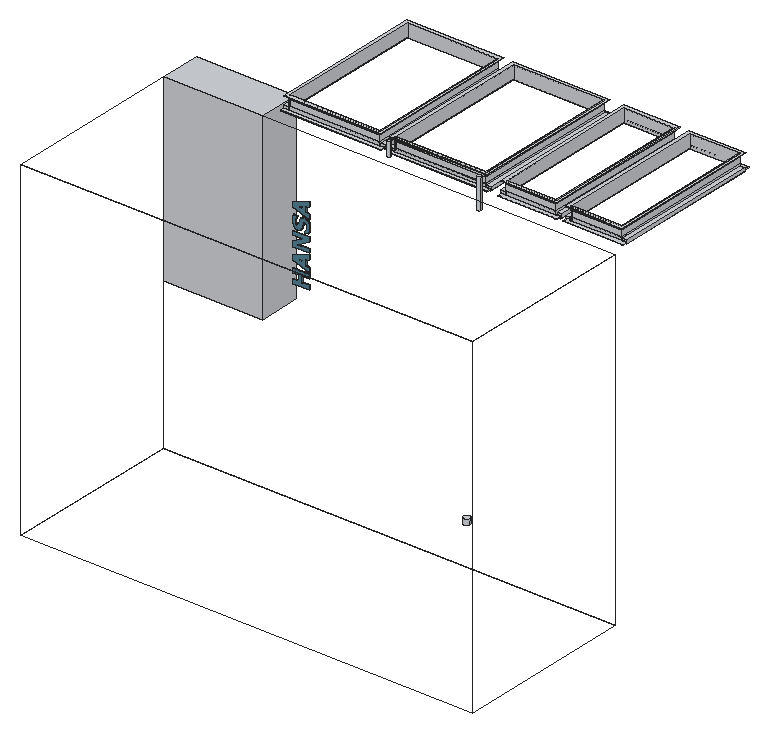
Revit family "KL-P-034-G-R", category HLS-Bauteile, Revit 2020
Family settings
  Bemaßung runder Anschluss = Durchmesser verwenden
  Klassifizierung = Keine
  Teiletyp = Normal
  Arbeitsebenenbasiert = Nein
  Immer vertikal = Ja
  Beim Laden mit Abzugskörper schneiden = Nein
  Gemeinsam genutzt = Nein
  Raumberechnungspunkt = Nein
Parameters
  Zuluftbreite [instance] = 545 mm  # constant formula
  Vorgabe-Ansicht = 0 mm
  TyS [instance] = size_lookup("TyS_Hansa_KL_P", "", "ND", RLT_Serie, Gehaeuserichtung, Gehaeuseausfuehrung, RLT_MSR_KZ)  # "KL-P-034-G-R-eCS"
  Schaltschrankbreite [instance] = 600 mm
  Schaltschrank_montiert [instance] = yes
  SSaG [instance] = and(or(Regelung SAIA, Regelung OJ), Schaltschrank_montiert)  # yes
  Regelung SAIA [instance] = yes
  Regelung OJ [instance] = no
  RLT_Volumenstrom_max = 3400 m³/h  # constant formula
  RLT_Volumenstrom_Unit_2 [instance] = 3400 m³/h
  RLT_Volumenstrom_Unit_1 [instance] = 3400 m³/h
  RLT_Typenschlüssel [instance] = TyS  # "KL-P-034-G-R-eCS"
  RLT_Serie = "KL-P-034"  # constant formula
  RLT_Material_außen [instance] = Stahlblech verzinkt + RAL 9002
  RLT_MSR_KZ [instance] = if(Regelung SAIA, "eCS", if(Regelung OJ, "eCO", "-"))  # "eCS"
  RLT_Länge [instance] = L  # 2130 mm
  RLT_Höhe = H  # 1890 mm
  RLT_Gewicht [instance] = size_lookup("TD_Hansa_KL_P", "Gewicht", 0 mm, TyS) / 1 mm * 1.00 kg  # 0.00 kg
  RLT_Breite = B  # 1080 mm
  Modell = "KL-P-034-G-R"  # constant formula
  L2 = 820 mm  # constant formula
  L1 = 1310 mm  # constant formula
  L = L1 + L2  # 2130 mm
  Kanaltiefe [instance] = RLT_Breite - 190 mm  # 890 mm
  Hersteller = "Hansa"  # constant formula
  H = 1890 mm  # constant formula
  GeräteOK [instance] = H + Fuß  # 2010 mm
  Gehaeuserichtung [instance] = "R"  # constant formula
  Gehaeuseausfuehrung [instance] = "geteilt"  # constant formula
  GD_Spannung [instance] = 230 V
  GD_Phasen [instance] = 1
  GD_Nennstrom [instance] = 0 A
  GD_Anschlussleistung [instance] = 0 W
  Fuß [instance] = 120 mm  # constant formula
  Fortluftbreite = 300 mm  # constant formula
  Bedienzone [instance] = yes
  Baugruppe [instance] = "RLT-Gerät"  # constant formula
  BZl [instance] = if(and(or(Regelung SAIA, Regelung OJ), Schaltschrank_montiert), L + Schaltschrankbreite, L)  # 2730 mm
  B = 1080 mm  # constant formula
  Außenluftbreite = 300 mm  # constant formula
  Abluftbreite [instance] = 545 mm  # constant formula
Reference planes
  plane 1 "Mitte (Vorne/hinten)": y = 0
  plane 2: z = 0
  plane 3 "Mitte (Links/rechts)": x = 0
  plane 4: x = -1065
  plane 5: x = 1065
  plane 6 "GV": y = -540
  plane 7 "GH": y = 540
  plane 8 "OKG": z = 2010
  plane 9: y = 477.5
  plane 10: y = -312.5
  plane 11: x = -1002.5
  plane 12: x = 1002.5
  plane 13: x = -457.5
  plane 14: x = -362.5
  plane 15: x = 182.5
  plane 16: x = 702.5
  plane 17: x = 607.5
  plane 18: x = 307.5
  plane 19: z = 2090
  plane 20 "UKG": z = 120
  plane 21: y = -290
  plane 22: y = -330
  plane 23: z = 90
  plane 24: y = -464
  plane 25: x = 245
  plane 26: y = -1620
  plane 27: x = -1665
Forms (mm)
  Extrusion 1, solid, visible <- "SSaG"
    sketch origin (-61.559, 0, -70) x (1, 0, 0) y (0, 0, 1)
      loop
        line (-1603.441, 2080) -> (-1603.441, 980) -> (-1003.441, 980) -> (-1003.441, 2080) -> (-1603.441, 2080)
    from 540 to 290
  Extrusion 2, solid
    sketch origin (0, 0, 0) x (1, 0, 0) y (0, 1, 0)
      loop
        circle (0, -330) r 20
    from 120 to 90
  Extrusion 3, solid, material "Glas - klar", visible <- "Bedienzone"
    sketch origin (-600, 0, 0) x (1, 0, 0) y (0, 1, 0)
      loop
        line (-1065, -540) -> (-1065, -1620) -> (1665, -1620) -> (1665, -540) -> (-1065, -540)
    from 2010 to 0
  Extrusion 4, solid
    sketch origin (0, 0, 0) x (1, 0, 0) y (0, 1, 0)
      loop
        circle (-362.5, -464) r 10
    from 2090 to 2010
  Extrusion 5, solid
    sketch origin (0, 0, 0) x (1, 0, 0) y (0, 1, 0)
      loop
        circle (182.5, -464) r 10
    from 2090 to 1910
Dimensions and locks
  equal spacing: plane 4, plane 3 "Mitte (Links/rechts)", plane 5
  "L": plane 4 to plane 5
  "B": plane 7 "GH" to plane 6 "GV"
  locked: plane 7 "GH" to plane 9 at 62.5
  locked: plane 4 to plane 11 at 62.5
  locked: plane 12 to plane 5 at 62.5
  "Abluftbreite": plane 11 to plane 13
  locked: plane 13 to plane 14 at 95
  "Zuluftbreite": plane 14 to plane 15
  "Fortluftbreite": plane 16 to plane 12
  locked: plane 17 to plane 16 at 95
  "Außenluftbreite": plane 18 to plane 17
  plane 15 to plane 18 = 125 mm
  locked: nested 3 to plane 16 at 95
  "Fuß": plane 20 "UKG" to level
  plane 19 to plane 8 "OKG" = 80 mm
  locked: plane 4 to nested 1 at 62.5
  locked: plane 13 to nested 2 at 95
  locked: nested 4 to plane 5 at 62.5
  plane 5 to Extrusion 1 = 2130 mm
  "RLT_Höhe": plane 8 "OKG" to plane 20 "UKG"
  equal spacing: plane 7 "GH", plane 1 "Mitte (Vorne/hinten)", plane 6 "GV"
  locked: plane 6 "GV" to plane 21 at 250
  locked: plane 6 "GV" to plane 22 at 210
  plane 20 "UKG" to plane 23 = 30 mm
  locked: plane 24 to plane 6 "GV" at 76
  "L1": plane 4 to plane 25
  "B": plane 26 to plane 6 "GV"
  "BZl": Extrusion 3 to Extrusion 3
  "Schaltschrankbreite": plane 27 to plane 4
  plane 18 to plane 15 = 125 mm
  aligned and locked: level to plane 2
  aligned and locked: plane 8 "OKG" to Extrusion 1
  aligned and locked: Extrusion 1 to plane 6 "GV"
  aligned and locked: plane 21 to Extrusion 1
  aligned and locked: plane 20 "UKG" to Extrusion 2
  aligned and locked: Extrusion 2 to plane 23
  aligned and locked: Extrusion 3 to plane 6 "GV"
  aligned and locked: Extrusion 3 to plane 26
  aligned and locked: plane 8 "OKG" to Extrusion 3
  aligned and locked: Extrusion 1 to plane 4
  aligned and locked: plane 19 to Extrusion 4
  aligned and locked: Extrusion 4 to plane 8 "OKG"
  aligned and locked: plane 19 to Extrusion 5
  aligned and locked: Extrusion 1 to Extrusion 3
  aligned and locked: plane 7 "GH" to nested 6
  aligned and locked: plane 4 to nested 6
Automatic sketch dimensions
  Extrusion 1 sketch curve to plane 5 = 2730 mm
  Extrusion 1 sketch curve to plane 8 "OKG" = 0 mm
  Extrusion 1 sketch curve to plane 5 = 2130 mm
  plane 20 "UKG" to Extrusion 1 sketch curve = 790 mm
  Extrusion 2 sketch curve to plane 3 "Mitte (Links/rechts)" = 0 mm
  Extrusion 2 sketch curve to plane 22 = 0 mm
  plane 4 to Extrusion 3 sketch curve = 600 mm
  Extrusion 3 sketch curve to plane 5 = 0 mm
  Extrusion 3 sketch curve to plane 26 = 0 mm
  plane 6 "GV" to Extrusion 3 sketch curve = 0 mm
  Extrusion 4 sketch curve to plane 14 = 0 mm
  Extrusion 4 sketch curve to plane 24 = 0 mm
  Extrusion 5 sketch curve to plane 15 = 0 mm
  Extrusion 5 sketch curve to plane 24 = 0 mm
  radius of Extrusion 2 sketch curve = 20 mm
  radius of Extrusion 4 sketch curve = 10 mm
  radius of Extrusion 5 sketch curve = 10 mm
Nested families
  nested 1: "Kanalstutzen" at (-730, 29.209, 2010) x (1, 0, 0) z (0, -1, 0), 2570_EST_Breite <- "Abluftbreite", 2571_EST_Höhe <- "Kanaltiefe", built-in parameter 1001360 <- "GeräteOK", type "Kanalstutzen"
    with Tiefe 80 mm, RahmenG2 20 mm, RahmenG1 30 mm, Höhe 890 mm, Breite 545 mm, 2572_EST_Tiefe 80 mm, 2571_EST_Höhe 890 mm, 2570_EST_Breite 545 mm, 1966_EST_Rahmentyp ""
  nested 2: "Kanalstutzen" at (-90, 29.209, 2010) x (1, 0, 0) z (0, -1, 0), 2570_EST_Breite <- "Zuluftbreite", 2571_EST_Höhe <- "Kanaltiefe", built-in parameter 1001360 <- "GeräteOK", type "Kanalstutzen"
    with Tiefe 80 mm, RahmenG2 20 mm, RahmenG1 30 mm, Höhe 890 mm, Breite 545 mm, 2572_EST_Tiefe 80 mm, 2571_EST_Höhe 890 mm, 2570_EST_Breite 545 mm, 1966_EST_Rahmentyp ""
  nested 3: "Kanalstutzen" at (457.5, 29.209, 2010) x (1, 0, 0) z (0, -1, 0), 2570_EST_Breite <- "Außenluftbreite", 2571_EST_Höhe <- "Kanaltiefe", built-in parameter 1001360 <- "GeräteOK", type "Kanalstutzen"
    with Tiefe 80 mm, RahmenG2 20 mm, RahmenG1 30 mm, Höhe 890 mm, Breite 300 mm, 2572_EST_Tiefe 80 mm, 2571_EST_Höhe 890 mm, 2570_EST_Breite 300 mm, 1966_EST_Rahmentyp ""
  nested 4: "Kanalstutzen" at (852.5, 29.209, 2010) x (1, 0, 0) z (0, -1, 0), 2570_EST_Breite <- "Fortluftbreite", 2571_EST_Höhe <- "Kanaltiefe", built-in parameter 1001360 <- "GeräteOK", type "Kanalstutzen"
    with Tiefe 80 mm, RahmenG2 20 mm, RahmenG1 30 mm, Höhe 890 mm, Breite 300 mm, 2572_EST_Tiefe 80 mm, 2571_EST_Höhe 890 mm, 2570_EST_Breite 300 mm, 1966_EST_Rahmentyp ""
  nested 5: "Hansa_Aufkleber_klein" at (-780, -540, 1390) x (0, 0, 1) z (0, -1, 0), type "Hansa_Aufkleber_klein"
  nested 6: "P-034-G-R_ipt" at (0, 0, 0), type "Norm"
Connectors
  hvac at (-730, 29.209, 2089), driven by "RLT_Volumenstrom_Unit_2", driven by "Abluftbreite", driven by "Kanaltiefe"
    settings: on nested 1, index 1, duct flow 3400 m³/h, flow factor 0, pres drop 0.0 Pa, loss coef 0, conn angle 0.00°, conn width 545 mm, conn height 890 mm, conn diameter 609.6 mm, duct sys type 2, conn prof type 1, flow config 0, flow direction 1, loss method 0, conn ref index -1, conn util no, is conn primary yes, conn desc ""
  hvac at (-90, 29.209, 2089), driven by "RLT_Volumenstrom_Unit_1", driven by "Zuluftbreite", driven by "Kanaltiefe"
    settings: on nested 2, index 2, duct flow 3400 m³/h, flow factor 0, pres drop 0.0 Pa, loss coef 0, conn angle 0.00°, conn width 545 mm, conn height 890 mm, conn diameter 609.6 mm, duct sys type 1, conn prof type 1, flow config 0, flow direction 2, loss method 0, conn ref index -1, conn util no, is conn primary no, conn desc ""
  hvac at (457.5, 29.209, 2089), driven by "RLT_Volumenstrom_Unit_1", driven by "Außenluftbreite", driven by "Kanaltiefe"
    settings: on nested 3, index 3, duct flow 3400 m³/h, flow factor 0, pres drop 0.0 Pa, loss coef 0, conn angle 0.00°, conn width 300 mm, conn height 890 mm, conn diameter 609.6 mm, duct sys type 1, conn prof type 1, flow config 0, flow direction 1, loss method 0, conn ref index -1, conn util no, is conn primary no, conn desc ""
  hvac at (852.5, 29.209, 2089), driven by "RLT_Volumenstrom_Unit_2", driven by "Fortluftbreite", driven by "Kanaltiefe"
    settings: on nested 4, index 4, duct flow 3400 m³/h, flow factor 0, pres drop 0.0 Pa, loss coef 0, conn angle 0.00°, conn width 300 mm, conn height 890 mm, conn diameter 609.6 mm, duct sys type 3, conn prof type 1, flow config 1, flow direction 2, loss method 0, conn ref index -1, conn util no, is conn primary no, conn desc ""
  piping at (0, -330, 90), diameter 40
    settings: on Extrusion 2, index 5, connector inside diameter 609.6 mm, connector length 0 mm, flow factor 0, pipe flow 0.0 L/s, pressure drop 0.0 Pa, fitting loss kfactor 0, connector angle 0.00°, fixture units 0, engagement length 0 mm, angle of deflection 0.00°, flow configuration 0, flow direction 2, fitting loss method 0, system type 16, joint type 0, gender type 0, connector reference index -1, connector utility 0, adjustable connector no, is connector primary yes, connector description ""
  piping at (-362.5, -464, 2090), diameter 20
    settings: on Extrusion 4, index 6, connector inside diameter 609.6 mm, connector length 0 mm, flow factor 0, pipe flow 0.0 L/s, pressure drop 0.0 Pa, fitting loss kfactor 0, connector angle 0.00°, fixture units 0, engagement length 0 mm, angle of deflection 0.00°, flow configuration 0, flow direction 0, fitting loss method 0, system type 19, joint type 0, gender type 0, connector reference index -1, connector utility 0, adjustable connector no, is connector primary no, connector description ""
  piping at (182.5, -464, 2090), diameter 20
    settings: on Extrusion 5, index 7, connector inside diameter 609.6 mm, connector length 0 mm, flow factor 0, pipe flow 0.0 L/s, pressure drop 0.0 Pa, fitting loss kfactor 0, connector angle 0.00°, fixture units 0, engagement length 0 mm, angle of deflection 0.00°, flow configuration 0, flow direction 0, fitting loss method 0, system type 19, joint type 0, gender type 0, connector reference index -1, connector utility 0, adjustable connector no, is connector primary no, connector description ""
Definition of nested family "Kanalstutzen"
  Parameters (values of type "Kanalstutzen")
    Default Elevation = 0 mm
    Tiefe [instance] = [2572_EST_Tiefe]  # 80 mm
    RahmenG2 [instance] = 20 mm
    RahmenG1 [instance] = 30 mm
    Höhe [instance] = [2571_EST_Höhe]  # 500 mm
    Manufacturer = "Hansa"
    Breite [instance] = [2570_EST_Breite]  # 1000 mm
    Description = "Durchbruchsverkleidung"
    2572_EST_Tiefe [instance] = 80 mm
    2571_EST_Höhe [instance] = 500 mm
    2570_EST_Breite [instance] = 1000 mm
    1966_EST_Rahmentyp [instance] = ""
  Reference planes
    plane 1 "Mitte (Vorne/hinten)": y = 0
    plane 2: z = 0
    plane 3 "Mitte (Links/rechts)": x = 0
    plane 4: x = -500
    plane 5: x = 500
    plane 6 "hinten": y = 80
    plane 7: z = 250
    plane 8: z = -250
    plane 9 "R1links": x = -530
    plane 10 "R1rechts": x = 530
    plane 11 "R2links": x = -520
    plane 12 "R2rechts": x = 520
    plane 13 "R1oben": z = 280
    plane 14 "R1unten": z = -280
    plane 15: z = -270
    plane 16: z = 270
  Forms (mm)
    Sweep 1, solid
      path origin (0, 0, 0) x (1, 0, 0) y (0, 0, 1)
        loop
          line (-500, 250) -> (-500, -250) -> (500, -250) -> (500, 250) -> (-500, 250)
      profile origin (0, 0, 250) x (0, 0, 1) y (0, -1, 0)
        loop
          line (0, -40) -> (0, -80) -> (20, -80) -> (20, -79) -> (1.999, -79) -> (1.999, -59) -> (0.962, -59) -> (0.962, -21.406) -> (1.999, -21.406) -> (1.999, -1.406) -> (30, -1.406) -> (30, 0) -> (0, 0) -> (0, -40)
  Dimensions and locks
    equal spacing: plane 4, plane 3 "Mitte (Links/rechts)", plane 5
    "Breite": plane 4 to plane 5
    equal spacing: plane 7, level, plane 8
    "Höhe": plane 7 to plane 8
    "RahmenG1": plane 9 "R1links" to plane 4
    "RahmenG1": plane 5 to plane 10 "R1rechts"
    "RahmenG2": plane 11 "R2links" to plane 4
    "RahmenG2": plane 5 to plane 12 "R2rechts"
    "RahmenG1": plane 13 "R1oben" to plane 7
    "RahmenG1": plane 8 to plane 14 "R1unten"
    "RahmenG2": plane 16 to plane 7
    "RahmenG2": plane 8 to plane 15
    Sweep 1 sketch curve to Sweep 1 sketch curve = 1.406 mm
    Sweep 1 sketch curve to Sweep 1 sketch curve = 1 mm
    Sweep 1 sketch curve to Sweep 1 sketch curve = 0.962 mm
    "2572_EST_Tiefe": plane 6 "hinten" to plane 1 "Mitte (Vorne/hinten)"
    aligned and locked: level to plane 2
    aligned and locked: plane 16 to Sweep 1 sketch curve
    aligned and locked: plane 13 "R1oben" to Sweep 1 sketch curve
    aligned and locked: plane 1 "Mitte (Vorne/hinten)" to Sweep 1
    aligned and locked: plane 1 "Mitte (Vorne/hinten)" to nested 1
    aligned and locked: nested 1 to plane 10 "R1rechts"
    aligned and locked: nested 2 to plane 9 "R1links"
    aligned and locked: plane 8 to nested 2
    aligned and locked: nested 1 to plane 8
  Automatic sketch dimensions
    plane 4 to Sweep 1 sketch curve = 0 mm
    plane 5 to Sweep 1 sketch curve = 0 mm
    Sweep 1 sketch curve to plane 8 = 0 mm
    Sweep 1 sketch curve to plane 7 = 0 mm
    Sweep 1 sketch curve to plane 1 "Mitte (Vorne/hinten)" = 0 mm
    profile plane to Sweep 1 sketch curve = 0 mm
    Sweep 1 sketch curve to profile plane = 1.999 mm  (x2)
    Sweep 1 sketch curve to Sweep 1 sketch curve = 20 mm  (x2)
    Sweep 1 sketch curve to Sweep 1 sketch curve = 18.594 mm
    Sweep 1 sketch curve to Sweep 1 sketch curve = 19 mm
  Nested families
    nested 1: "EGJK30" at (520, 0, -250), L <- "Höhe", type "EGJK30"
      with L 500 mm
    nested 2: "EGJK30" at (-520, 0, -250) x (-1, 0, 0) z (0, 0, 1), L <- "Höhe", type "EGJK30"
      with L 500 mm
  Definition of nested family "EGJK30"
    Parameters (values of type "EGJK30")
      Default Elevation = 0 mm
      L [instance] = 1000 mm
    Reference planes
      plane 1 "Mitte (Vorne/hinten)": y = 0
      plane 2: z = 0
      plane 3 "Mitte (Links/rechts)": x = 0
    Forms (mm)
      Extrusion 1, solid
        sketch origin (16.67, -35.46, 0) x (1, 0, 0) y (0, 1, 0)
          loop
            line (-26.67, 25.46) -> (-6.67, 25.46) -> (-6.67, 30.46) -> (-1.67, 30.46) -> (-1.67, 50.46) -> (-34.67, 50.46) -> (-34.67, 38.46) -> (-5.67, 38.46) -> (-5.67, 35.46) -> (-25.67, 35.46) -> (-25.67, 36.96) -> (-34.67, 36.96) -> (-34.67, 33.96) -> (-26.67, 25.46)
        from 0 to 1000
    Dimensions and locks
      "L": Extrusion 1 to Extrusion 1
      aligned and locked: level to plane 2
    Automatic sketch dimensions
      plane 1 "Mitte (Vorne/hinten)" to Extrusion 1 sketch curve = 0 mm
      Extrusion 1 sketch curve to plane 3 "Mitte (Links/rechts)" = 18 mm
      plane 1 "Mitte (Vorne/hinten)" to Extrusion 1 sketch curve = 1.5 mm
      Extrusion 1 sketch curve to Extrusion 1 sketch curve = 0 mm
      Extrusion 1 sketch curve to plane 3 "Mitte (Links/rechts)" = 10 mm
      Extrusion 1 sketch curve to plane 3 "Mitte (Links/rechts)" = 9 mm
      plane 1 "Mitte (Vorne/hinten)" to Extrusion 1 sketch curve = 5 mm
      plane 3 "Mitte (Links/rechts)" to Extrusion 1 sketch curve = 10 mm
      Extrusion 1 sketch curve to Extrusion 1 sketch curve = 1 mm
      Extrusion 1 sketch curve to Extrusion 1 sketch curve = 5 mm
      plane 1 "Mitte (Vorne/hinten)" to Extrusion 1 sketch curve = 10 mm
      Extrusion 1 sketch curve to plane 1 "Mitte (Vorne/hinten)" = 1.5 mm
      Extrusion 1 sketch curve to Extrusion 1 sketch curve = 1.5 mm
      Extrusion 1 sketch curve to Extrusion 1 sketch curve = 12 mm
Definition of nested family "Hansa_Aufkleber_klein"
  Parameters (values of type "Hansa_Aufkleber_klein")
    Default Elevation = 1219.2 mm
  Reference planes
    plane 1 "Mitte (Vorne/hinten)": y = 0
    plane 2: z = 0
    plane 3 "Mitte (Links/rechts)": x = 0
  Forms (mm)
    Extrusion 1, solid, detail levels medium+fine
      sketch origin (6.994, -10.767, 0) x (1, 0, 0) y (0, 1, 0)
        loop
          line (-226.694, 10.767) -> (-201.573, 10.767) -> (-201.573, 55.095) -> (-167.456, 55.095) -> (-167.456, 10.767) -> (-142.335, 10.767) -> (-142.335, 110.767) -> (-167.456, 110.767) -> (-167.456, 74.138) -> (-201.573, 74.138) -> (-201.573, 110.767) -> (-226.694, 110.767) -> (-226.694, 10.767)
        loop
          line (202.074, 82.404) -> (191.782, 49.341) -> (212.284, 49.341) -> (202.074, 82.404)
        loop
          line (188.703, 110.767) -> (154.91, 10.767) -> (180.032, 10.767) -> (186.353, 31.189) -> (217.795, 31.189) -> (224.035, 10.767) -> (249.886, 10.767) -> (216.093, 110.767) -> (188.703, 110.767)
        loop
          line (34.084, 10.767) -> (58.233, 10.767) -> (58.233, 110.767) -> (35.299, 110.767) -> (35.299, 53.474) -> (3.37, 110.767) -> (-27.424, 110.767) -> (-27.424, 10.767) -> (-4.49, 10.767) -> (-4.49, 80.459) -> (34.084, 10.767)
        loop
          line (-85.203, 82.404) -> (-95.495, 49.341) -> (-74.993, 49.341) -> (-85.203, 82.404)
        loop
          line (-98.575, 110.767) -> (-132.367, 10.767) -> (-107.245, 10.767) -> (-100.925, 31.189) -> (-69.482, 31.189) -> (-63.242, 10.767) -> (-37.391, 10.767) -> (-71.184, 110.767) -> (-98.575, 110.767)
        loop
          line (73.143, 16.683) -> (80.903, 13.695) -> (89.27, 11.213) -> (93.783, 10.238) -> (98.65, 9.542) -> (103.872, 9.124) -> (109.448, 8.984) -> (114.303, 9.126) -> (118.902, 9.552) -> (123.243, 10.261) -> (127.327, 11.253) -> (131.154, 12.53) -> (134.724, 14.09) -> (138.037, 15.933) -> (141.093, 18.061) -> (143.838, 20.421) -> (146.216, 22.963) -> (148.229, 25.688) -> (149.876, 28.595) -> (151.156, 31.685) -> (152.071, 34.957) -> (152.62, 38.411) -> (152.803, 42.048) -> (152.724, 44.578) -> (152.487, 46.981) -> (152.091, 49.257) -> (151.537, 51.407) -> (150.825, 53.431) -> (149.954, 55.328) -> (148.925, 57.098) -> (147.738, 58.741) -> (144.874, 61.745) -> (141.346, 64.434) -> (137.155, 66.81) -> (132.301, 68.871) -> (127.124, 70.542) -> (122.293, 71.829) -> (112.609, 74.057) -> (109.035, 74.977) -> (106.095, 75.952) -> (103.788, 76.982) -> (102.114, 78.069) -> (100.927, 79.287) -> (100.078, 80.713) -> (99.569, 82.346) -> (99.4, 84.187) -> (99.506, 85.453) -> (99.825, 86.659) -> (100.357, 87.803) -> (101.101, 88.887) -> (102.965, 90.731) -> (105.153, 92.048) -> (107.99, 93.142) -> (110.664, 93.83) -> (113.439, 94.195) -> (116.579, 94.317) -> (120.768, 94.112) -> (124.906, 93.496) -> (128.993, 92.471) -> (133.03, 91.035) -> (136.889, 89.3) -> (140.445, 87.378) -> (143.697, 85.268) -> (146.644, 82.971) -> (148.832, 82.971) -> (148.832, 105.824) -> (145.231, 107.285) -> (141.397, 108.589) -> (137.33, 109.737) -> (133.03, 110.727) -> (128.608, 111.524) -> (124.177, 112.094) -> (119.735, 112.436) -> (115.283, 112.55) -> (110.919, 112.414) -> (106.741, 112.006) -> (102.749, 111.325) -> (98.944, 110.372) -> (95.324, 109.147) -> (91.891, 107.65) -> (88.644, 105.88) -> (85.583, 103.839) -> (82.8, 101.578) -> (80.389, 99.151) -> (78.348, 96.559) -> (76.679, 93.8) -> (75.38, 90.876) -> (74.453, 87.786) -> (73.896, 84.53) -> (73.711, 81.108) -> (74.025, 76.136) -> (74.967, 71.596) -> (76.537, 67.486) -> (78.735, 63.806) -> (80.094, 62.119) -> (81.657, 60.522) -> (83.426, 59.014) -> (85.4, 57.597) -> (87.58, 56.269) -> (89.964, 55.031) -> (92.553, 53.884) -> (95.348, 52.826) -> (100.625, 51.195) -> (106.247, 49.868) -> (111.869, 48.642) -> (117.147, 47.315) -> (119.104, 46.707) -> (120.925, 45.937) -> (122.609, 45.006) -> (124.156, 43.912) -> (125.451, 42.645) -> (126.375, 41.197) -> (126.929, 39.566) -> (127.114, 37.753) -> (127, 36.17) -> (126.658, 34.744) -> (126.089, 33.475) -> (125.291, 32.364) -> (123.275, 30.53) -> (120.874, 29.163) -> (118.413, 28.312) -> (115.242, 27.704) -> (112.052, 27.339) -> (109.529, 27.218) -> (105.242, 27.433) -> (100.889, 28.079) -> (96.47, 29.155) -> (91.985, 30.662) -> (87.561, 32.569) -> (83.324, 34.845) -> (79.274, 37.492) -> (75.413, 40.508) -> (73.143, 40.508) -> (73.143, 16.683)
      from 0 to 2
  Dimensions and locks
    aligned and locked: level to plane 2
Definition of nested family "P-034-G-R_ipt"
  Parameters (values of type "Norm")
    Default Elevation = 0 mm
  Reference planes
    plane 1 "Mitte (Vorne/Hinten)": y = 0
    plane 2: z = 0
    plane 3 "Mitte (Links/Rechts)": x = 0
  Dimensions and locks
    aligned and locked: level to plane 2
